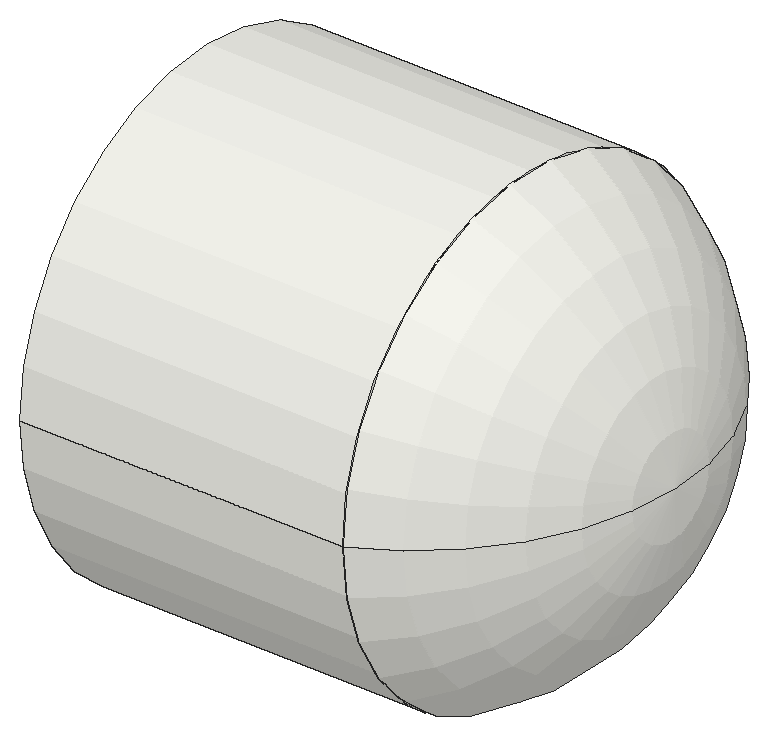
Revit family "Cap", category Pipe Fittings, Revit 2025
Family settings
  Round Connector Dimension = Use Radius
  Part Type = Cap
  OmniClass Number = 23.60.30.11.14
  OmniClass Title = Pipework Fittings
  Work Plane-Based = No
  Always vertical = Yes
  Cut with Voids When Loaded = No
  Shared = No
Parameters
  Socket Length [instance] = size_lookup(Lookup Table Name, "SLgt", 0.44 * Nominal Diameter + 161/256", Nominal Diameter)  # 3/4"
  Radius 1 [instance] = (Height - Socket Length) / 2 + 0.5 * (Socket Outside Radius ^ 2) / (Height - Socket Length)  # 0.6068"
  Nominal Radius [instance] = 1/4"
  Nominal Diameter [instance] = Nominal Radius * 2  # 1/2"
  Loss Method = Not Defined
  Lookup Table Name = "Cap - PVC - Sch 40"
  Length 1 [instance] = sqrt((Radius 1 - (Height - Socket Length)) ^ 2 + Socket Outside Radius ^ 2)  # 0.6068"
  Height [instance] = size_lookup(Lookup Table Name, "Hgt", 0.67 * Nominal Diameter + 215/256", Nominal Diameter)  # 1.09"
  Socket Outside Radius [instance] = Socket Outside Diameter / 2  # 0.545"
  Socket Outside Diameter [instance] = size_lookup(Lookup Table Name, "SOD", 1.11 * Nominal Diameter + 69/128", Nominal Diameter)  # 1.09"
  Default Elevation = 0' - 0"
Reference planes (in)
  plane 1 "Center (Front/Back)": y = 0
  plane 2: z = 0
  plane 3 "Center (Left/Right)": x = 0
  plane 4: x = 0.75
  plane 5: x = 1.09
  plane 6: y = 0.545
  plane 7: x = 0.4832
  plane 8: x = 1.09
Forms (in)
  Extrusion 1, solid, material "PVC", detail levels fine
    sketch origin (0, 0, 0) x (0, 1, 0) y (0, 0, 1)
      loop
        circle (0, 0) r 0.545
    from 0 to 0.75
  Revolve 2, solid, material "PVC", detail levels fine
    sketch origin (0, 0, 0) x (1, 0, 0) y (0, 1, 0)
      loop
        line (0.75, 0.545) -> (0.75, 0) -> (1.09, 0)
        arc (1.09, 0) -> (0.99803, 0.32118) -> (0.75, 0.545) r 0.6068
      axis (0.75, 0) -> (1.09, 0)
    angle from 0 to 360
Lines and regions (in)
  model lines, detail levels coarse+medium
    curve 1: line (0, 0.545, 0) -> (1.09, 0.545, 0)
    curve 2: line (1.09, 0.545, 0) -> (1.09, -0.545, 0)
    curve 3: line (1.09, -0.545, 0) -> (0, -0.545, 0)
Dimensions and locks (in)
  "Socket Length": plane 3 "Center (Left/Right)" to plane 4
  "Height": plane 3 "Center (Left/Right)" to plane 5
  equal spacing: curve 3, plane 1 "Center (Front/Back)", curve 1
  "Socket Outside Radius": plane 1 "Center (Front/Back)" to curve 1
  "Socket Outside Radius": plane 1 "Center (Front/Back)" to plane 6
  "Radius 1": plane 7 to plane 5
  "Length 1": plane 7 to plane 8
  "Socket Outside Radius": radius of Extrusion 1 sketch curve
  aligned and locked: level to Extrusion 1 sketch curve
  aligned and locked: plane 1 "Center (Front/Back)" to Extrusion 1 sketch curve
  aligned and locked: plane 4 to Extrusion 1
  aligned and locked: Extrusion 1 to plane 3 "Center (Left/Right)"
  aligned and locked: curve 2 to plane 5
  aligned and locked: plane 3 "Center (Left/Right)" to curve 1
  aligned and locked: plane 3 "Center (Left/Right)" to curve 3
  aligned and locked: plane 1 "Center (Front/Back)" to Revolve 2 sketch curve  (x4)
  aligned and locked: plane 7 to Revolve 2 sketch curve  (x2)
  aligned and locked: plane 4 to Revolve 2 sketch curve  (x3)
  aligned and locked: plane 6 to Revolve 2 sketch curve
Connectors (in)
  piping at (0, 0, 0), diameter 0.5, driven by "Nominal Radius"
    settings: on Extrusion 1, index 1, connector inside diameter 1/2", connector length 0' - 0", flow factor 0, pipe flow 0 GPM, pressure drop 0.00 psi, fitting loss kfactor 0, connector angle 0.00°, fixture units 0, engagement length 0' - 0", angle of deflection 0.00°, flow configuration 0, flow direction 0, fitting loss method 0, system type 28, joint type 0, gender type 0, connector reference index -1, connector utility 0, adjustable connector no, is connector primary yes, connector description ""
